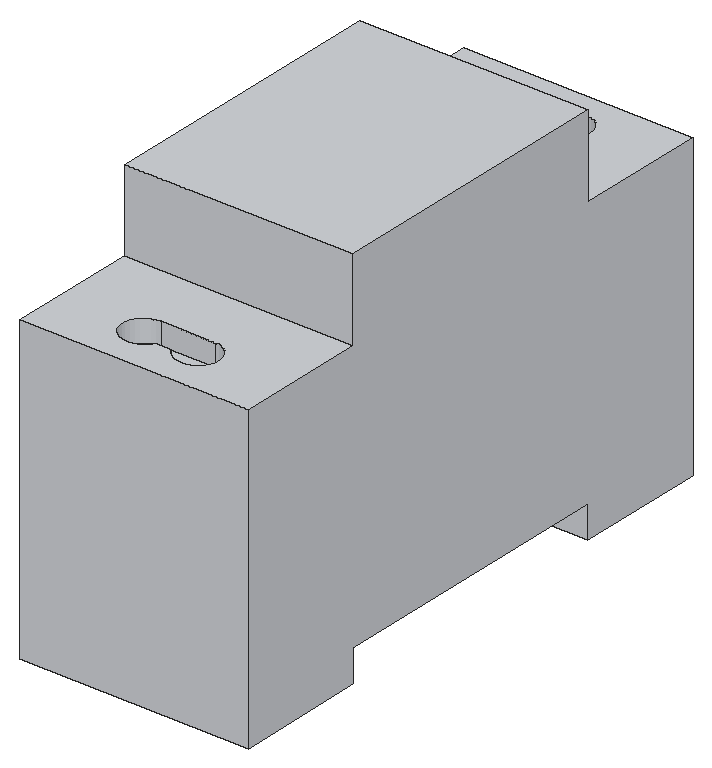
Revit family "Power-ModularDevices-GEWISS-90AM-CONTACTORS_20A_2M", category Apparecchi elettrici, host Superficie, Revit 2016
Family settings
  Host = Superficie
  Mantenere orientamento annotazione = Sì
  Tipo di parte = Normale
  Quota connettore circolare = Usa diametro
  Numero OmniClass = 23.80.30.00
  Titolo OmniClass = Distribution Devices
  Taglio con vuoti quando caricato = No
  Condiviso = No
  Punto di calcolo locali = Sì
Parameters (values of type "GWD6709 - CONTACTOR 20A 4NO 230V 2M")
  dIST sIMBOLO [instance] = 6.4 mm  # constant formula
  Version file RFA = "18.0"
  URL = "https://www.gewiss.com/ww/en"
  Technical sheet = "https://www.gewiss.com/ww/en/search?q=GWD6709"
  TEXT LABEL = "A"
  Realized by GEWISS S.p.A. = ""
  Rated current (AC-1/AC-7a) = "20 A - CTR20"
  Default Elevation = 1219.2 mm
  Produttore = "GEWISS S.p.A."
  Potenza in Watt = 0 V
  Numero poli = 1
  No. Chorus modules = "2"
  Modello = "GWD6709"
  Immagine tipo = GWD6709.jpg
  IFC.TypeObject = ""
  IFC.ExportType = ""
  IFC.ExportAs = ""
  IDT = "6c888b2f-99e0-476a-b92d-ad9b1437b277"
  IDF = "b7117b48-3d7f-414b-b3b5-8ec2a2a25e34"
  Fin_contattore = none
  Electrocod = "1712                "
  EAN code = "8011564809444"
  Dist_dalla barra din = 5 mm
  Descrizione = "CONTACTOR 20A 4NO 230V 2M"
  D = 45 mm  # constant formula
  Control coil voltage (V) = "230Vac"
  Contacts = "4NO"
  Catalogue Range = "90 AM"
  Catalogue = "POWER"
  COBie.Tagnumber = ""
  COBie.CreatedOn = ""
  COBie.CreatebBy = ""
  COBie.ComponentRegisterItemID = ""
  COBie.Component.TagNumber = ""
  COBie.Component.Space = ""
  COBie.Component.SerialNumber = ""
  COBie.Component.InstallationDate = ""
  COBie.Component.Description = ""
  COBie.Component.BarCode = ""
  C = 65 mm  # constant formula
  B = 85 mm  # constant formula
  A = 36 mm  # constant formula
Types (3, lengths in mm): name | URL | Technical sheet | Produttore | Modello | Immagine tipo | IDT | EAN code | Descrizione | Contacts
  (no name) | 0 | "" | "GEWISS" | "GWD6708" | GWD6708.jpg | "" | "" | "CONTATTORE 20A 3NA 230V 2M" | ""
  GWD6709 - CONTACTOR 20A 4NO 230V 2M | "https://www.gewiss.com/ww/en" | "https://www.gewiss.com/ww/en/search?q=GWD6709" | "GEWISS S.p.A." | "GWD6709" | GWD6709.jpg | "6c888b2f-99e0-476a-b92d-ad9b1437b277" | "8011564809444" | "CONTACTOR 20A 4NO 230V 2M" | "4NO"
  GWD6708 - CONTACTOR 20A 3NO 230V 2M | "https://www.gewiss.com/ww/en" | "https://www.gewiss.com/ww/en/search?q=GWD6708" | "GEWISS S.p.A." | "GWD6708" | GWD6708.jpg | "651a8701-0f6f-4bbf-bee7-27cb1a556117" | "8011564809437" | "CONTACTOR 20A 3NO 230V 2M" | "3NO"
Values of the unnamed type that differ from the named types
  Version file RFA = ""
  TEXT LABEL = ""
  Rated current (AC-1/AC-7a) = ""
  No. Chorus modules = ""
  IDF = ""
  Electrocod = ""
  Control coil voltage (V) = ""
  Catalogue Range = ""
  Catalogue = ""
Reference planes
  plane 1 "Centro (Fronte/Retro)": y = 0
  plane 2: z = 0
  plane 3 "Centro (Sinistra/Destra)": x = 0
Dimensions and locks
  aligned and locked: plane 2 to host face
  aligned and locked: level to host face
  aligned and locked: plane 3 "Centro (Sinistra/Destra)" to nested 1
  aligned and locked: plane 1 "Centro (Fronte/Retro)" to nested 1
Nested families
  nested 1: "90AM CONTATTORI 20A 2M_GENERICO" at (0, 0, 0), type "90AM CONTATTORI 20A 2M_GENERICO"
Connectors
  electrical at (0, 32.5, 46.465), driven by "Numero poli"
    settings: on nested 1, index 1, voltage 230 V, apparent load 0 VA, apparent load phase1 0 VA, apparent load phase2 0 VA, apparent load phase3 0 VA, power factor 1, load classification "Altro", number of poles 1, system type 31, power factor state 1, is connector primary yes, connector utility no, sub classification motor no, connector description ""
Definition of nested family "90AM CONTATTORI 20A 2M_GENERICO"
  Parameters (values of type "90AM CONTATTORI 20A 2M_GENERICO")
    interruttore = none
    gw96003/04 = yes
    Default Elevation = 1219.2 mm
    Finitura Amperometro = none
    DIST_DALLA BARRA = 5 mm
    D = 45 mm
    C = 59 mm
    B = 85 mm
    A = 35 mm
  Reference planes
    plane 1 "Centro (Fronte/Retro)": y = 0
    plane 2: z = 0
    plane 3 "Centro (Sinistra/Destra)": x = 0
    plane 4: y = -22.5
    plane 5: y = 22.5
    plane 6: y = -32.5
    plane 7: y = 32.5
    plane 8: y = -42.5
    plane 9: y = 42.5
    plane 10 "POSIZIONAMENTO FRONTALE": z = 59
    plane 11: z = 0
    plane 12: z = 5
    plane 13 "FOROMETRIA": z = 33.929
    plane 14 "POSIZIONAMENTO 2D": z = 46.465
    plane 15: x = -17.5
    plane 16: x = 17.5
    plane 17: through (0, -1524, 57.378) normal (-0.6412, 0, 0.7674)
    plane 18: z = 43.108
    plane 19 "aaaa": y = -8.75
  Forms (mm)
    Extrusion 1, solid, material <- "Finitura Amperometro"
      sketch origin (0, 0, 5) x (0, 1, 0) y (0, 0, 1)
        loop
          line (22.5, 54) -> (-22.5, 54) -> (-22.5, 41.465) -> (-42.5, 41.465) -> (-42.5, -5) -> (-22.5, -5) -> (-22.5, 0) -> (22.5, 0) -> (22.5, -5) -> (42.5, -5) -> (42.5, 41.465) -> (22.5, 41.465) -> (22.5, 54)
      from -17.5 to 17.5
    Extrusion 2, solid, material <- "Finitura Amperometro", detail levels coarse
      sketch origin (0, 0, 33.929) x (0, -1, 0) y (1, 0, 0)
        loop
          line (-42.5, -17.5) -> (42.5, -17.5) -> (42.5, 17.5) -> (-42.5, 17.5) -> (-42.5, -17.5)
      from -28.929 to 25.071
    Extrusion 3, solid, material <- "Finitura Amperometro", detail levels coarse
      sketch origin (0, 0, 0) x (0, 1, 0) y (0, 0, 1)
        loop
          line (-3.75, 57.378) -> (3.75, 57.378) -> (3.75, 59) -> (-3.75, 59) -> (-3.75, 57.378)
      from -4.396 to 4.396
    Extrusion 4, void
      sketch origin (0, 0, 46.465) x (0, -1, 0) y (1, 0, 0)
        loop
          arc (36.875, 1.18) -> (37.246, 6.866) -> (32.25, 4.125) r 3.25
          line (32.25, 4.125) -> (32.25, -4.125)
          arc (32.25, -4.125) -> (37.246, -6.866) -> (36.875, -1.18) r 3.25
          line (36.875, -1.18) -> (36.875, 1.18)
      from -3.357 to 0
    Extrusion 5, void
      sketch origin (0, 0, 46.465) x (0, -1, 0) y (1, 0, 0)
        loop
          arc (-32.25, 4.125) -> (-37.246, 6.866) -> (-36.875, 1.18) r 3.25
          line (-36.875, 1.18) -> (-36.875, -1.18)
          arc (-36.875, -1.18) -> (-37.246, -6.866) -> (-32.25, -4.125) r 3.25
          line (-32.25, -4.125) -> (-32.25, 4.125)
      from -3.357 to 0
  Cuts and joins
    Extrusion 4, Extrusion 5 cuts Extrusion 2
    Extrusion 4, Extrusion 5 cuts Extrusion 3
    joined: Extrusion 2, Extrusion 3
    Extrusion 4, Extrusion 5 cuts Extrusion 1
  Lines and regions (mm)
    model lines, not visible
      curve 1: circle (49.559, -27.168, 46.465) r 2.5 normal (0, 0, 1)
      curve 2: circle (49.559, 28.832, 46.465) r 2.5 normal (0, 0, 1)
      curve 3: line (50.459, -37.043, 46.465) -> (50.459, -38.843, 46.465)
      curve 4: line (50.459, -38.843, 46.465) -> (48.659, -38.843, 46.465)
      curve 5: line (48.659, -38.843, 46.465) -> (48.659, -37.043, 46.465)
      curve 6: line (48.659, -37.043, 46.465) -> (50.459, -37.043, 46.465)
      curve 7: line (50.459, 40.507, 46.465) -> (50.459, 38.707, 46.465)
      curve 8: line (50.459, 38.707, 46.465) -> (48.659, 38.707, 46.465)
      curve 9: line (48.659, 38.707, 46.465) -> (48.659, 40.507, 46.465)
      curve 10: line (48.659, 40.507, 46.465) -> (50.459, 40.507, 46.465)
      curve 11: line (40.559, 23.332, 46.465) -> (58.559, 23.332, 46.465)
      curve 12: line (49.069, -24.716, 46.465) -> (49.069, -26.617, 46.465)
      curve 13: line (49.069, -26.617, 46.465) -> (47.087, -26.79, 46.465)
      curve 14: line (49.07, -29.619, 46.465) -> (49.07, -27.718, 46.465)
      curve 15: line (49.07, -27.718, 46.465) -> (47.087, -27.545, 46.465)
      curve 16: line (52.03, -26.789, 46.465) -> (50.046, -26.617, 46.465)
      curve 17: line (50.046, -26.617, 46.465) -> (50.046, -24.716, 46.465)
      curve 18: line (52.03, -27.545, 46.465) -> (50.046, -27.718, 46.465)
      curve 19: line (50.046, -27.718, 46.465) -> (50.046, -29.62, 46.465)
      curve 20: line (49.069, 31.284, 46.465) -> (49.069, 29.383, 46.465)
      curve 21: line (49.069, 29.383, 46.465) -> (47.087, 29.21, 46.465)
      curve 22: line (49.07, 26.381, 46.465) -> (49.07, 28.282, 46.465)
      curve 23: line (49.07, 28.282, 46.465) -> (47.087, 28.455, 46.465)
      curve 24: line (52.03, 29.211, 46.465) -> (50.046, 29.383, 46.465)
      curve 25: line (50.046, 29.383, 46.465) -> (50.046, 31.284, 46.465)
      curve 26: line (52.03, 28.455, 46.465) -> (50.046, 28.282, 46.465)
      curve 27: line (50.046, 28.282, 46.465) -> (50.046, 26.38, 46.465)
      curve 28: line (58.559, -41.668, 46.465) -> (58.559, -21.668, 46.465)
      curve 29: line (58.559, 43.332, 46.465) -> (40.559, 43.332, 46.465)
      curve 30: line (40.559, 43.332, 46.465) -> (40.559, 23.332, 46.465)
      curve 31: line (40.559, -41.668, 46.465) -> (58.559, -41.668, 46.465)
      curve 32: line (40.559, -21.668, 46.465) -> (58.559, -21.668, 46.465)
      curve 33: line (40.559, -21.668, 46.465) -> (40.559, -41.668, 46.465)
      curve 34: line (58.559, 23.332, 46.465) -> (58.559, 43.332, 46.465)
    model lines, detail levels medium+fine
      curve 35: line (17.3, 3.114, 59) -> (0.25, 3.114, 59)
      curve 36: line (0.25, 3.114, 59) -> (0.25, 7.77, 59)
      curve 37: line (17.5, 7.77, 59) -> (-17.5, 7.77, 59)
      curve 38: line (17.5, -22.5, 59) -> (17.5, -3.002, 59)
      curve 39: line (-17.5, 21.998, 59) -> (-17.5, -0.307, 59)
      curve 40: line (-17.5, -22.5, 59) -> (17.5, -22.5, 59)
      curve 41: line (-17.5, -0.307, 59) -> (-17.5, -22.5, 59)
      curve 42: line (17.5, -3.002, 59) -> (17.5, 21.998, 59)
    model lines, not visible, detail levels medium+fine
      curve 43: line (50.753, -0.698, 59) -> (50.753, 2.302, 59)
      curve 44: line (50.753, 2.302, 59) -> (54.853, 2.302, 59)
      curve 45: line (54.853, 2.302, 59) -> (54.853, -0.698, 59)
      curve 46: line (54.853, -0.698, 59) -> (50.753, -0.698, 59)
      curve 47: line (57.253, -1.182, 59) -> (48.703, -1.182, 59)
      curve 48: line (48.703, -1.182, 59) -> (48.703, 3.473, 59)
      curve 49: line (57.453, 3.473, 59) -> (39.453, 3.473, 59)
      curve 50: line (39.453, 5.599, 59) -> (57.453, 5.599, 59)
      curve 51: line (57.453, -26.796, 59) -> (57.453, -7.298, 59)
      curve 52: line (39.453, 17.702, 59) -> (39.453, -4.603, 59)
      curve 53: line (39.453, -26.796, 59) -> (57.453, -26.796, 59)
      curve 54: line (39.453, -4.603, 59) -> (39.453, -26.796, 59)
      curve 55: line (57.453, -7.298, 59) -> (57.453, 17.702, 59)
    model lines
      curve 56: circle (-12.75, -35.426, 46.465) r 3.25 normal (0, 0, 1)
      curve 57: circle (12.75, -35.426, 46.465) r 3.25 normal (0, 0, 1)
      curve 58: circle (0, -27.926, 46.465) r 2.5 normal (0, 0, 1)
      curve 59: circle (-12.75, 35.574, 46.465) r 3.25 normal (0, 0, 1)
      curve 60: circle (12.75, 35.574, 46.465) r 3.25 normal (0, 0, 1)
      curve 61: circle (0, 28.074, 46.465) r 2.5 normal (0, 0, 1)
  Dimensions and locks
    equal spacing: plane 4, plane 1 "Centro (Fronte/Retro)", plane 5
    "D": plane 4 to plane 5
    "C": plane 11 to plane 10 "POSIZIONAMENTO FRONTALE"
    locked: plane 11 to plane 12 at 5
    "B": plane 8 to plane 9
    equal spacing: plane 8, plane 1 "Centro (Fronte/Retro)", plane 9
    plane 12 to plane 13 "FOROMETRIA" = 28.929 mm
    equal spacing: plane 10 "POSIZIONAMENTO FRONTALE", plane 14 "POSIZIONAMENTO 2D", plane 13 "FOROMETRIA"
    locked: plane 6 to plane 4 at 10
    locked: plane 5 to plane 7 at 10
    equal spacing: plane 15, plane 3 "Centro (Sinistra/Destra)", plane 16
    "A": plane 15 to plane 16
    "DIST_DALLA BARRA": plane 2 to plane 12
    plane 8 to plane 6 = 10 mm
    locked: plane 14 "POSIZIONAMENTO 2D" to plane 18 at 3.357
    aligned and locked: level to plane 2
    aligned and locked: plane 4 to Extrusion 1 sketch curve
    aligned and locked: plane 5 to Extrusion 1 sketch curve
    aligned and locked: plane 8 to Extrusion 1 sketch curve
    aligned and locked: plane 9 to Extrusion 1 sketch curve
    aligned and locked: plane 12 to Extrusion 1 sketch curve
    aligned and locked: plane 11 to Extrusion 1 sketch curve  (x2)
    aligned and locked: plane 14 "POSIZIONAMENTO 2D" to Extrusion 1 sketch curve
    aligned and locked: Extrusion 1 sketch curve to plane 14 "POSIZIONAMENTO 2D"
    aligned and locked: plane 15 to Extrusion 1
    aligned and locked: Extrusion 1 to plane 16
    aligned and locked: plane 16 to Extrusion 2 sketch curve
    aligned and locked: plane 9 to Extrusion 2 sketch curve
    aligned and locked: Extrusion 2 sketch curve to plane 15
    aligned and locked: Extrusion 2 sketch curve to plane 8
    aligned and locked: Extrusion 2 to plane 10 "POSIZIONAMENTO FRONTALE"
    aligned and locked: plane 12 to Extrusion 2
    aligned and locked: Extrusion 4 to plane 18
    aligned and locked: plane 14 "POSIZIONAMENTO 2D" to cut or joined group of Extrusion 2, Extrusion 3, Extrusion 4, Extrusion 5  (x2)
    aligned and locked: Extrusion 4 to Extrusion 5
    aligned and locked: Extrusion 1 sketch curve to plane 10 "POSIZIONAMENTO FRONTALE"
  Automatic sketch dimensions
    plane 10 "POSIZIONAMENTO FRONTALE" to Extrusion 3 sketch curve = 0 mm
    Extrusion 3 sketch curve to plane 1 "Centro (Fronte/Retro)" = 3.75 mm
    plane 1 "Centro (Fronte/Retro)" to Extrusion 3 sketch curve = 3.75 mm
    plane 10 "POSIZIONAMENTO FRONTALE" to Extrusion 3 sketch curve = 1.622 mm
    Extrusion 4 sketch curve to plane 6 = 0.25 mm
    plane 6 to Extrusion 4 sketch curve = 3 mm  (x2)
    Extrusion 4 sketch curve to plane 3 "Centro (Sinistra/Destra)" = 1.18 mm
    Extrusion 4 sketch curve to Extrusion 4 sketch curve = 1.375 mm
    plane 3 "Centro (Sinistra/Destra)" to Extrusion 4 sketch curve = 1.18 mm
    plane 3 "Centro (Sinistra/Destra)" to Extrusion 5 sketch curve = 1.18 mm
    Extrusion 5 sketch curve to plane 7 = 4.375 mm
    Extrusion 5 sketch curve to plane 7 = 3 mm  (x2)
    plane 7 to Extrusion 5 sketch curve = 0.25 mm
    Extrusion 5 sketch curve to plane 3 "Centro (Sinistra/Destra)" = 1.18 mm
    curve 39 to curve 35 = 18.077 mm  (x2)
    curve 40 to curve 38 = 35 mm
    curve 38 to curve 38 = 19.498 mm
    curve 38 to curve 41 = 35.104 mm
    curve 52 to curve 47 = 9.25 mm
    curve 48 to curve 43 = 2.05 mm
    curve 43 to curve 45 = 4.1 mm
    curve 53 to curve 51 = 18 mm
    curve 51 to curve 51 = 19.498 mm
    curve 51 to curve 54 = 2.695 mm
    curve 52 to curve 47 = 3.421 mm
    curve 47 to curve 46 = 0.484 mm
    curve 43 to curve 44 = 3 mm
    curve 45 to curve 47 = 2.4 mm
    curve 43 to curve 48 = 1.171 mm
    curve 49 to curve 50 = 2.126 mm
    curve 50 to curve 55 = 12.103 mm
    curve 50 to curve 52 = 12.103 mm
    curve 37 to plane 15 = 0 mm
    plane 4 to curve 41 = 0 mm
    curve 42 to plane 16 = 0 mm
    plane 3 "Centro (Sinistra/Destra)" to curve 36 = 0.25 mm
    plane 16 to curve 35 = 0.2 mm
    plane 1 "Centro (Fronte/Retro)" to curve 38 = 3.002 mm
    plane 1 "Centro (Fronte/Retro)" to curve 39 = 0.307 mm
    curve 35 to plane 1 "Centro (Fronte/Retro)" = 3.114 mm
    plane 5 to curve 42 = 0.502 mm
    plane 5 to curve 39 = 0.502 mm
    curve 59 to plane 7 = 3.074 mm
    curve 60 to plane 7 = 3.074 mm
    plane 6 to curve 56 = 2.926 mm
    plane 6 to curve 57 = 2.926 mm
    plane 16 to curve 56 = 30.25 mm
    plane 16 to curve 59 = 30.25 mm
    curve 58 to plane 3 "Centro (Sinistra/Destra)" = 0 mm
    curve 58 to plane 6 = 4.574 mm
    curve 61 to plane 3 "Centro (Sinistra/Destra)" = 0 mm
    plane 7 to curve 61 = 4.426 mm
    plane 16 to curve 60 = 4.75 mm
    curve 37 to plane 1 "Centro (Fronte/Retro)" = 7.77 mm
    Extrusion 1 sketch curve to plane 4 = 0 mm
    Extrusion 1 sketch curve to plane 5 = 0 mm
    plane 16 to curve 57 = 4.75 mm
    radius of curve 56 = 3.25 mm
    radius of curve 57 = 3.25 mm
    radius of curve 59 = 3.25 mm
    radius of curve 60 = 3.25 mm
    radius of curve 58 = 2.5 mm
    radius of curve 61 = 2.5 mm
